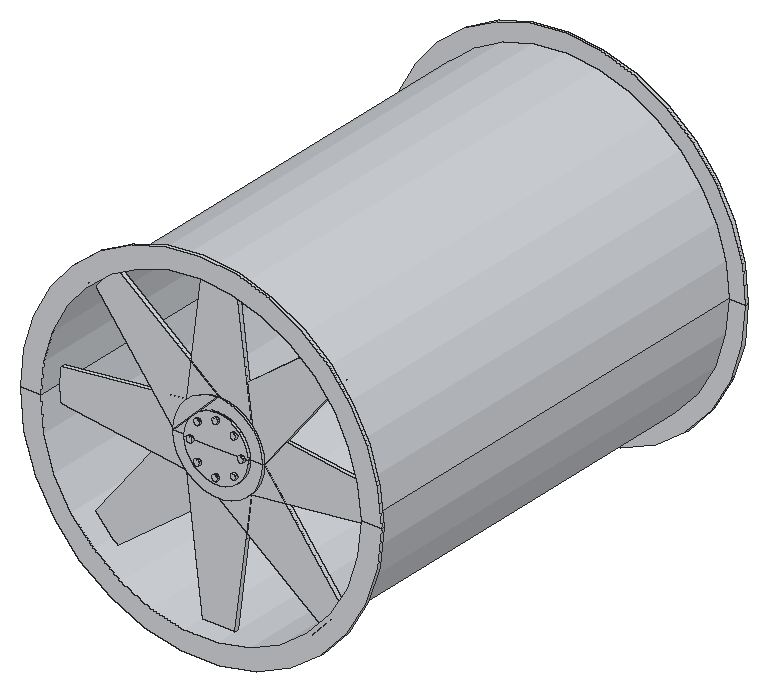
Revit family "CADS_Vent-Axia_MechEquip_Fan_BIFA_560_3Ph4P - SUPPLY", category Mechanical Equipment, Revit 2020
Family settings
  Round Connector Dimension = Use Diameter
  Part Type = Normal
  OmniClass Number = 23.75.00.00
  OmniClass Title = Climate Control (HVAC)
  Work Plane-Based = No
  Always vertical = Yes
  Cut with Voids When Loaded = No
  Shared = No
  Room Calculation Point = No
Parameters (values of type "BIFA563440")
  WorkingPressure = 0.0 Pa
  WarrantyStartDate [instance] = "1900-12-31T23:59:59"
  WarrantyPeriod = ""
  WarrantyIdentifier = "N/A"
  WarrantyGuarantorParts = "tech@vent-axia.com"
  WarrantyGuarantorLabor = "tech@vent-axia.com"
  WarrantyGuarantor = "Vent-Axia Limited"
  WarrantyEndDate [instance] = "1900-12-31T23:59:59"
  WarrantyContent = ""
  TemperatureRange = ""
  TagNumber [instance] = "N/A"
  SustainabilityPerformance = ""
  Status = "New"
  Size = ""
  Shape = ""
  ServiceLifeType = ""
  ServiceLifeDuration = ""
  SerialNumber [instance] = "N/A"
  ReplacementCost = ""
  RatedVoltage = 0 V
  RatedCurrent = 0 A
  Quantity = 1
  ProductionYear = ""
  PressureCurve = ""
  PowerFactor = ""
  PointOfContact = ""
  NumberOfPoles = 0
  NominalWidth = 560 mm
  NominalLength = 800 mm
  NominalHeight = 560 mm
  NominalFrequencyRange = ""
  NominalDiameter = 560 mm
  ModelReference = "BIF 560MM 3PH 4P 40DEG"
  ModelNumber = "BIFA563440"
  Material = ""
  ManufacturerE-Mail = "tech@vent-axia.com"
  ManufacturerAddress = "Fleming Way\nCrawley \nRH10 9YX"
  IsExtendedWarranty = no
  InsulationStandardClass = ""
  InstallationDate [instance] = "1900-12-31T23:59:59"
  IfcExportType [instance] = ""
  IfcExportAs = "IfcFanType"
  IP_Code = ""
  HasProtectiveEarth = no
  GrossWeight = 0.00 kg
  Grade = ""
  GlobalTradeItemNumber [instance] = "N/A"
  Fitting Type = "Ignore"
  Finish = ""
  Features = ""
  ExteriorInsulation = no
  ExpectedServiceLife = 0
  Exclusions = ""
  DurationUnit = "Year"
  Default Elevation = 0 mm
  Constituents = ""
  ConductorFunction = ""
  Color = ""
  CodePerformance = ""
  Category = ""
  CADS_Usage = 0
  CADS_Index = 0
  AssetType = "FIXED"
  AssetIdentifier [instance] = "N/A"
  AssemblyPlace = "UNKNOWN"
  ArticleNumber [instance] = "N/A"
  AirflowRateRange = 0.0 L/s
  Air Flow [instance] = 0.0 L/s
  AccessibilityPerformance = ""
Types (16, lengths in mm): name | ModelReference | ModelNumber
  BIFA563410 | "BIF 560MM 3PH 4P 10DEG" | "BIFA563410"
  BIFA563412 | "BIF 560MM 3PH 4P 12DEG" | "BIFA563412"
  BIFA563414 | "BIF 560MM 3PH 4P 14DEG" | "BIFA563414"
  BIFA563416 | "BIF 560MM 3PH 4P 16DEG" | "BIFA563416"
  BIFA563418 | "BIF 560MM 3PH 4P 18DEG" | "BIFA563418"
  BIFA563420 | "BIF 560MM 3PH 4P 20DEG" | "BIFA563420"
  BIFA563422 | "BIF 560MM 3PH 4P 22DEG" | "BIFA563422"
  BIFA563424 | "BIF 560MM 3PH 4P 24DEG" | "BIFA563424"
  BIFA563426 | "BIF 560MM 3PH 4P 26DEG" | "BIFA563426"
  BIFA563428 | "BIF 560MM 3PH 4P 28DEG" | "BIFA563428"
  BIFA563430 | "BIF 560MM 3PH 4P 30DEG" | "BIFA563430"
  BIFA563432 | "BIF 560MM 3PH 4P 32DEG" | "BIFA563432"
  BIFA563434 | "BIF 560MM 3PH 4P 34DEG" | "BIFA563434"
  BIFA563436 | "BIF 560MM 3PH 4P 36DEG" | "BIFA563436"
  BIFA563438 | "BIF 560MM 3PH 4P 38DEG" | "BIFA563438"
  BIFA563440 | "BIF 560MM 3PH 4P 40DEG" | "BIFA563440"
Reference planes
  plane 1 "Center (Front/Back)": y = 0
  plane 2: z = 0
  plane 3 "Center (Left/Right)": x = 0
  plane 4: x = -280
  plane 5: x = 280
  plane 6 "F": y = -400
  plane 7 "B": y = 400
  plane 8: x = -315
  plane 9: y = 395
  plane 10: y = -395
  plane 11: x = -285
  plane 12: y = -360
Forms (mm)
  Revolve 1, solid
    sketch origin (0, 0, 0) x (1, 0, 0) y (0, 1, 0)
      loop
        line (-315, -400) -> (-280, -400) -> (-280, 400) -> (-315, 400) -> (-315, 395) -> (-285, 395) -> (-285, -395) -> (-315, -395) -> (-315, -400)
      axis (0, 400) -> (0, -400)
    angle from 0 to 360
Dimensions and locks
  equal spacing: plane 4, plane 3 "Center (Left/Right)", plane 5
  equal spacing: plane 7 "B", plane 1 "Center (Front/Back)", plane 6 "F"
  "NominalLength": plane 7 "B" to plane 6 "F"
  "NominalDiameter": plane 4 to plane 5
  locked: plane 11 to plane 4 at 5
  locked: plane 8 to plane 11 at 30
  locked: plane 6 "F" to plane 10 at 5
  locked: plane 7 "B" to plane 9 at 5
  locked: plane 6 "F" to plane 12 at 40
  aligned and locked: level to plane 2
  aligned and locked: nested 1 to plane 12
Automatic sketch dimensions
  plane 6 "F" to Revolve 1 sketch curve = 0 mm
  Revolve 1 sketch curve to plane 8 = 0 mm  (x2)
  plane 10 to Revolve 1 sketch curve = 0 mm
  Revolve 1 sketch curve to plane 11 = 0 mm
  Revolve 1 sketch curve to plane 4 = 0 mm
  Revolve 1 sketch curve to plane 3 "Center (Left/Right)" = 0 mm
  plane 1 "Center (Front/Back)" to Revolve 1 sketch curve = 0 mm
  Revolve 1 sketch curve to plane 9 = 0 mm
  Revolve 1 sketch curve to plane 7 "B" = 0 mm
  plane 6 "F" to Revolve 1 sketch curve = 115 mm
Nested families
  nested 1: "Fan for BIFA" at (0, -360, 0), ND <- "NominalDiameter", type "Fan for BIFA"
    with hub 56 mm, ND 560 mm, BoltPCD 44.8 mm, Bolt Count 8, B_Diam 10 mm
  nested 2: "Bolts" at (0, -369.172, -44.8) x (-1, 0, 0) z (0, 1, 0), type "Bolts"
    with bd 10 mm
  nested 3: "Bolts" at (-31.678, -369.172, -31.678) x (-0.7071, 0, 0.7071) z (0, 1, 0), type "Bolts"
    with bd 10 mm
  nested 4: "Bolts" at (-44.8, -369.172, 0) x (0, 0, 1) z (0, 1, 0), type "Bolts"
    with bd 10 mm
  nested 5: "Bolts" at (-31.678, -369.172, 31.678) x (0.7071, 0, 0.7071) z (0, 1, 0), type "Bolts"
    with bd 10 mm
  nested 6: "Bolts" at (31.678, -369.172, 31.678) x (0.7071, 0, -0.7071) z (0, 1, 0), type "Bolts"
    with bd 10 mm
  nested 7: "Bolts" at (0, -369.172, 44.8) x (1, 0, 0) z (0, 1, 0), type "Bolts"
    with bd 10 mm
  nested 8: "BIFA Blade" at (0, -360, 0), type "BIFA Blade"
    with a 20.00°, HR 56 mm, HD 112 mm, BT 56 mm, BR 224 mm, BH 40 mm, BD 560 mm, BB 112 mm
  nested 9: "BIFA Blade" at (0, -360, 0) x (0.7071, 0, -0.7071) z (0.7071, 0, 0.7071), type "BIFA Blade"
    with a 20.00°, HR 56 mm, HD 112 mm, BT 56 mm, BR 224 mm, BH 40 mm, BD 560 mm, BB 112 mm
  nested 10: "BIFA Blade" at (0, -360, 0) x (0, 0, -1) z (1, 0, 0), type "BIFA Blade"
    with a 20.00°, HR 56 mm, HD 112 mm, BT 56 mm, BR 224 mm, BH 40 mm, BD 560 mm, BB 112 mm
  nested 11: "BIFA Blade" at (0, -360, 0) x (-0.7071, 0, -0.7071) z (0.7071, 0, -0.7071), type "BIFA Blade"
    with a 20.00°, HR 56 mm, HD 112 mm, BT 56 mm, BR 224 mm, BH 40 mm, BD 560 mm, BB 112 mm
  nested 12: "BIFA Blade" at (0, -360, 0) x (-1, 0, 0) z (0, 0, -1), type "BIFA Blade"
    with a 20.00°, HR 56 mm, HD 112 mm, BT 56 mm, BR 224 mm, BH 40 mm, BD 560 mm, BB 112 mm
  nested 13: "BIFA Blade" at (0, -360, 0) x (-0.7071, 0, -0.7071) z (-0.7071, 0, 0.7071), type "BIFA Blade"
    with a 20.00°, HR 56 mm, HD 112 mm, BT 56 mm, BR 224 mm, BH 40 mm, BD 560 mm, BB 112 mm
  nested 14: "BIFA Blade" at (0, -360, 0) x (0, 0, -1) z (-1, 0, 0), type "BIFA Blade"
    with a 20.00°, HR 56 mm, HD 112 mm, BT 56 mm, BR 224 mm, BH 40 mm, BD 560 mm, BB 112 mm
  nested 15: "BIFA Blade" at (0, -360, 0) x (0.7071, 0, -0.7071) z (-0.7071, 0, -0.7071), type "BIFA Blade"
    with a 20.00°, HR 56 mm, HD 112 mm, BT 56 mm, BR 224 mm, BH 40 mm, BD 560 mm, BB 112 mm
  nested 16: "Bolts" at (44.8, -369.172, 0) x (0, 0, -1) z (0, 1, 0), type "Bolts"
    with bd 10 mm
  nested 17: "Bolts" at (31.678, -369.172, -31.678) x (-0.7071, 0, -0.7071) z (0, 1, 0), type "Bolts"
    with bd 10 mm
Connectors
  hvac at (0, -400, 0), driven by "NominalDiameter", driven by "Air Flow"
    settings: on Revolve 1, index 1, duct flow 0.0 L/s, flow factor 0, pres drop 0.0 Pa, loss coef 0, conn angle 0.00°, conn width 304.8 mm, conn height 304.8 mm, conn diameter 560 mm, duct sys type 1, conn prof type 0, flow config 1, flow direction 1, loss method 0, conn ref index -1, conn util no, is conn primary yes, conn desc ""
  hvac at (0, 400, 0), driven by "NominalDiameter", driven by "Air Flow"
    settings: on Revolve 1, index 2, duct flow 0.0 L/s, flow factor 0, pres drop 0.0 Pa, loss coef 0, conn angle 0.00°, conn width 304.8 mm, conn height 304.8 mm, conn diameter 560 mm, duct sys type 1, conn prof type 0, flow config 0, flow direction 2, loss method 0, conn ref index -1, conn util no, is conn primary no, conn desc ""
Definition of nested family "Fan for BIFA"
  Parameters (values of type "Fan for BIFA")
    hub [instance] = ND / 10  # 50 mm
    ND [instance] = 500 mm
    Model = "."
    Default Elevation = 0 mm
    BoltPCD [instance] = hub - (hub * 0.2)  # 40 mm
    Bolt Count [instance] = if(hub < 50 mm, 6, 8)  # 8
    B_Diam [instance] = if(hub < 50 mm, 5 mm, 10 mm)  # 10 mm
  Reference planes
    plane 1 "Center (Front/Back)": y = 0
    plane 2: z = 0
    plane 3 "Center (Left/Right)": x = 0
    plane 4 "back": y = 20
    plane 5 "bolts": y = -9.172
    plane 6 "B": z = 50
    plane 7: x = -72.587
    plane 8: x = -50
    plane 9 "hubface": y = -6.172
  Forms (mm)
    Revolve 1, solid
      sketch origin (0, 0, 0) x (1, 0, 0) y (0, 1, 0)
        loop
          line (0, 20) -> (-50, 20) -> (-50, 10.504) -> (-72.587, 10.504) -> (-72.587, -2.597) -> (-50, -2.597) -> (-50, -6.172) -> (0, -6.172) -> (0, 20)
        axis (0, 20) -> (0, -6.172)
      angle from 0 to 360
    Extrusion 2, solid, not visible
      sketch origin (0, -6.347, -4) x (-1, 0, 0) y (0, 0, 1)
        loop
          circle (0, 84) r 5
      from 0 to 3
  Lines and regions (mm)
    symbolic lines
      curve 1: circle (0, -9.172, 0) r 40 normal (0, 1, 0)
    model lines, not visible
      curve 2: line (0, -6.347, 85) -> (0, -6.347, 75)
  Dimensions and locks
    "hub": plane 6 "B" to plane 2
    "hub": nested 3 to plane 3 "Center (Left/Right)"
    "hub": nested 4 to plane 3 "Center (Left/Right)"
    "hub": nested 5 to plane 3 "Center (Left/Right)"
    "hub": plane 3 "Center (Left/Right)" to nested 6
    "hub": Revolve 1 sketch curve to Revolve 1 sketch curve
    "hub": plane 3 "Center (Left/Right)" to nested 7
    "hub": plane 3 "Center (Left/Right)" to nested 8
    "hub": plane 3 "Center (Left/Right)" to nested 9
    "hub": plane 8 to plane 3 "Center (Left/Right)"
    plane 7 to plane 8 = 22.587 mm
    diameter of Extrusion 2 sketch curve = 10 mm
    "BoltPCD": radius of curve 1
    "BoltPCD": radius of radial array
    aligned and locked: level to plane 2
    aligned and locked: plane 6 "B" to nested 1
  Automatic sketch dimensions
    Revolve 1 sketch curve to plane 7 = 0 mm
    Revolve 1 sketch curve to plane 8 = 0 mm  (x2)
    Revolve 1 sketch curve to plane 3 "Center (Left/Right)" = 0 mm
    Revolve 1 sketch curve to plane 9 "hubface" = 0 mm
    plane 4 "back" to Revolve 1 sketch curve = 0 mm
    plane 1 "Center (Front/Back)" to Revolve 1 sketch curve = 2.597 mm
    plane 4 "back" to Revolve 1 sketch curve = 9.496 mm
    plane 4 "back" to Revolve 1 sketch curve = 5 mm
    Revolve 1 sketch curve to Revolve 1 sketch curve = 45 mm
    curve 1 to level = 0 mm
    curve 1 to plane 3 "Center (Left/Right)" = 0 mm
  Nested families
    nested 1: "BIFA Blade" at (0, 0, 25), BD <- "ND", HD <- "hub", type "BIFA Blade"
      with a 20.00°, HR 25 mm, HD 50 mm, BT 25 mm, BR 100 mm, BH 40 mm, BD 250 mm, BB 50 mm
    nested 2: "BIFA Blade" at (0, 0, 55), BD <- "ND", HD <- "hub", type "BIFA Blade", not visible
      with a 20.00°, HR 25 mm, HD 50 mm, BT 25 mm, BR 100 mm, BH 40 mm, BD 250 mm, BB 50 mm
    nested 3: "BIFA Blade" at (17.678, 0, 17.678) x (0.7071, 0, -0.7071) z (0.7071, 0, 0.7071), BD <- "ND", HD <- "hub", type "BIFA Blade"
      with a 20.00°, HR 25 mm, HD 50 mm, BT 25 mm, BR 100 mm, BH 40 mm, BD 250 mm, BB 50 mm
    nested 4: "BIFA Blade" at (25, 0, 0) x (0, 0, -1) z (1, 0, 0), BD <- "ND", HD <- "hub", type "BIFA Blade"
      with a 20.00°, HR 25 mm, HD 50 mm, BT 25 mm, BR 100 mm, BH 40 mm, BD 250 mm, BB 50 mm
    nested 5: "BIFA Blade" at (17.678, 0, -17.678) x (-0.7071, 0, -0.7071) z (0.7071, 0, -0.7071), BD <- "ND", HD <- "hub", type "BIFA Blade"
      with a 20.00°, HR 25 mm, HD 50 mm, BT 25 mm, BR 100 mm, BH 40 mm, BD 250 mm, BB 50 mm
    nested 6: "BIFA Blade" at (0, 0, -25) x (-1, 0, 0) z (0, 0, -1), BD <- "ND", HD <- "hub", type "BIFA Blade"
      with a 20.00°, HR 25 mm, HD 50 mm, BT 25 mm, BR 100 mm, BH 40 mm, BD 250 mm, BB 50 mm
    nested 7: "BIFA Blade" at (-17.678, 0, 17.678) x (-0.7071, 0, -0.7071) z (-0.7071, 0, 0.7071), BD <- "ND", HD <- "hub", type "BIFA Blade"
      with a 20.00°, HR 25 mm, HD 50 mm, BT 25 mm, BR 100 mm, BH 40 mm, BD 250 mm, BB 50 mm
    nested 8: "BIFA Blade" at (-25, 0, 0) x (0, 0, -1) z (-1, 0, 0), BD <- "ND", HD <- "hub", type "BIFA Blade"
      with a 20.00°, HR 25 mm, HD 50 mm, BT 25 mm, BR 100 mm, BH 40 mm, BD 250 mm, BB 50 mm
    nested 9: "BIFA Blade" at (-17.678, 0, -17.678) x (0.7071, 0, -0.7071) z (-0.7071, 0, -0.7071), BD <- "ND", HD <- "hub", type "BIFA Blade"
      with a 20.00°, HR 25 mm, HD 50 mm, BT 25 mm, BR 100 mm, BH 40 mm, BD 250 mm, BB 50 mm
    nested 10: "Bolts" at (0, -9.172, 40) x (1, 0, 0) z (0, 1, 0), bd <- "B_Diam", type "Bolts"
      with bd 10 mm
    nested 11: "Bolts" at (28.284, -9.172, 28.284) x (0.7071, 0, -0.7071) z (0, 1, 0), bd <- "B_Diam", type "Bolts"
      with bd 10 mm
    nested 12: "Bolts" at (-28.284, -9.172, 28.284) x (0.7071, 0, 0.7071) z (0, 1, 0), bd <- "B_Diam", type "Bolts"
      with bd 10 mm
    nested 13: "Bolts" at (-40, -9.172, 0) x (0, 0, 1) z (0, 1, 0), bd <- "B_Diam", type "Bolts"
      with bd 10 mm
    nested 14: "Bolts" at (-28.284, -9.172, -28.284) x (-0.7071, 0, 0.7071) z (0, 1, 0), bd <- "B_Diam", type "Bolts"
      with bd 10 mm
    nested 15: "Bolts" at (0, -9.172, -40) x (-1, 0, 0) z (0, 1, 0), bd <- "B_Diam", type "Bolts"
      with bd 10 mm
    nested 16: "Bolts" at (28.284, -9.172, -28.284) x (-0.7071, 0, -0.7071) z (0, 1, 0), bd <- "B_Diam", type "Bolts"
      with bd 10 mm
    nested 17: "Bolts" at (40, -9.172, 0) x (0, 0, -1) z (0, 1, 0), bd <- "B_Diam", type "Bolts"
      with bd 10 mm
  Definition of nested family "BIFA Blade"
    Parameters (values of type "BIFA Blade")
      a [instance] = 20.00°
      HR [instance] = HD / 2  # 30 mm
      HD [instance] = BD / 5  # 60 mm
      Default Elevation = 1219.2 mm
      BT [instance] = BD / 10  # 30 mm
      BR [instance] = (BD / 2) - HR  # 120 mm
      BH [instance] = 40 mm
      BD [instance] = 300 mm
      BB [instance] = BD / 5  # 60 mm
    Reference planes
      plane 1 "Center (Front/Back)": y = 0
      plane 2: z = 0
      plane 3 "Center (Left/Right)": x = 0
      plane 4 "Blade Bot": z = 30
      plane 5: x = -30
      plane 6: x = 30
      plane 7: x = -15
      plane 8: x = 15
    Forms (mm)
      Blend 1, solid
        base sketch origin (0, 0, 30) x (-1, 0, 0) y (0, -1, 0)
          loop
            line (30, 0) -> (-30, 0) -> (-30, -6) -> (30, -6) -> (30, 0)
        top sketch origin (0, 0, 30) x (-1, 0, 0) y (0, -1, 0)
          loop
            line (15, -6) -> (15, 0) -> (-15, 0) -> (-15, -6) -> (15, -6)
        from 0 to 120 <- "BR"
    Dimensions and locks
      "HR": plane 4 "Blade Bot" to level
      equal spacing: plane 8, plane 3 "Center (Left/Right)", plane 7
      "BT": plane 8 to plane 7
      equal spacing: plane 6, plane 3 "Center (Left/Right)", plane 5
      "BB": plane 6 to plane 5
      aligned and locked: level to plane 2
    Automatic sketch dimensions
      plane 1 "Center (Front/Back)" to Blend 1 sketch curve = 0 mm  (x2)
      Blend 1 sketch curve to plane 6 = 0 mm
      Blend 1 sketch curve to plane 5 = 0 mm
      Blend 1 sketch curve to plane 1 "Center (Front/Back)" = 6 mm  (x2)
      Blend 1 sketch curve to plane 8 = 0 mm
      Blend 1 sketch curve to plane 7 = 0 mm
  Definition of nested family "Bolts"
    Parameters
      bd [instance] = 10 mm
      Default Elevation = 1219.2 mm
    Reference planes
      plane 1 "Center (Front/Back)": y = 0
      plane 2: z = 0
      plane 3 "Center (Left/Right)": x = 0
    Forms (mm)
      Extrusion 1, solid
        sketch origin (0, 0, 0) x (1, 0, 0) y (0, 1, 0)
          loop
            line (-1219.2, 1219.2) -> (-1219.2, -1219.2) -> (1219.2, -1219.2) -> (1219.2, 1219.2) -> (-1219.2, 1219.2)
        from 0 to -304.8
      Extrusion 2, solid
        sketch origin (0, 0, 0) x (1, 0, 0) y (0, 1, 0)
          loop
            circle (0, 0) r 5
        from 0 to 3
    Dimensions and locks
      "bd": diameter of Extrusion 2 sketch curve
      aligned and locked: plane 2 to Extrusion 1
      aligned and locked: level to Extrusion 1
    Automatic sketch dimensions
      Extrusion 1 sketch curve to Extrusion 1 sketch curve = 2438.4 mm  (x2)
      plane 1 "Center (Front/Back)" to Extrusion 2 sketch curve = 0 mm
      Extrusion 2 sketch curve to plane 3 "Center (Left/Right)" = 0 mm
Definition of nested family "Bolts"
  Parameters
    bd [instance] = 10 mm
    Default Elevation = 1219.2 mm
  Reference planes
    plane 1 "Center (Front/Back)": y = 0
    plane 2: z = 0
    plane 3 "Center (Left/Right)": x = 0
  Forms (mm)
    Extrusion 1, solid
      sketch origin (0, 0, 0) x (1, 0, 0) y (0, 1, 0)
        loop
          line (-1219.2, 1219.2) -> (-1219.2, -1219.2) -> (1219.2, -1219.2) -> (1219.2, 1219.2) -> (-1219.2, 1219.2)
      from 0 to -304.8
    Extrusion 2, solid
      sketch origin (0, 0, 0) x (1, 0, 0) y (0, 1, 0)
        loop
          circle (0, 0) r 5
      from 0 to 3
  Dimensions and locks
    "bd": diameter of Extrusion 2 sketch curve
    aligned and locked: plane 2 to Extrusion 1
    aligned and locked: level to Extrusion 1
  Automatic sketch dimensions
    Extrusion 1 sketch curve to Extrusion 1 sketch curve = 2438.4 mm  (x2)
    plane 1 "Center (Front/Back)" to Extrusion 2 sketch curve = 0 mm
    Extrusion 2 sketch curve to plane 3 "Center (Left/Right)" = 0 mm
Definition of nested family "BIFA Blade"
  Parameters (values of type "BIFA Blade")
    a [instance] = 20.00°
    HR [instance] = HD / 2  # 30 mm
    HD [instance] = BD / 5  # 60 mm
    Default Elevation = 1219.2 mm
    BT [instance] = BD / 10  # 30 mm
    BR [instance] = (BD / 2) - HR  # 120 mm
    BH [instance] = 40 mm
    BD [instance] = 300 mm
    BB [instance] = BD / 5  # 60 mm
  Reference planes
    plane 1 "Center (Front/Back)": y = 0
    plane 2: z = 0
    plane 3 "Center (Left/Right)": x = 0
    plane 4 "Blade Bot": z = 30
    plane 5: x = -30
    plane 6: x = 30
    plane 7: x = -15
    plane 8: x = 15
  Forms (mm)
    Blend 1, solid
      base sketch origin (0, 0, 30) x (-1, 0, 0) y (0, -1, 0)
        loop
          line (30, 0) -> (-30, 0) -> (-30, -6) -> (30, -6) -> (30, 0)
      top sketch origin (0, 0, 30) x (-1, 0, 0) y (0, -1, 0)
        loop
          line (15, -6) -> (15, 0) -> (-15, 0) -> (-15, -6) -> (15, -6)
      from 0 to 120 <- "BR"
  Dimensions and locks
    "HR": plane 4 "Blade Bot" to level
    equal spacing: plane 8, plane 3 "Center (Left/Right)", plane 7
    "BT": plane 8 to plane 7
    equal spacing: plane 6, plane 3 "Center (Left/Right)", plane 5
    "BB": plane 6 to plane 5
    aligned and locked: level to plane 2
  Automatic sketch dimensions
    plane 1 "Center (Front/Back)" to Blend 1 sketch curve = 0 mm  (x2)
    Blend 1 sketch curve to plane 6 = 0 mm
    Blend 1 sketch curve to plane 5 = 0 mm
    Blend 1 sketch curve to plane 1 "Center (Front/Back)" = 6 mm  (x2)
    Blend 1 sketch curve to plane 8 = 0 mm
    Blend 1 sketch curve to plane 7 = 0 mm
